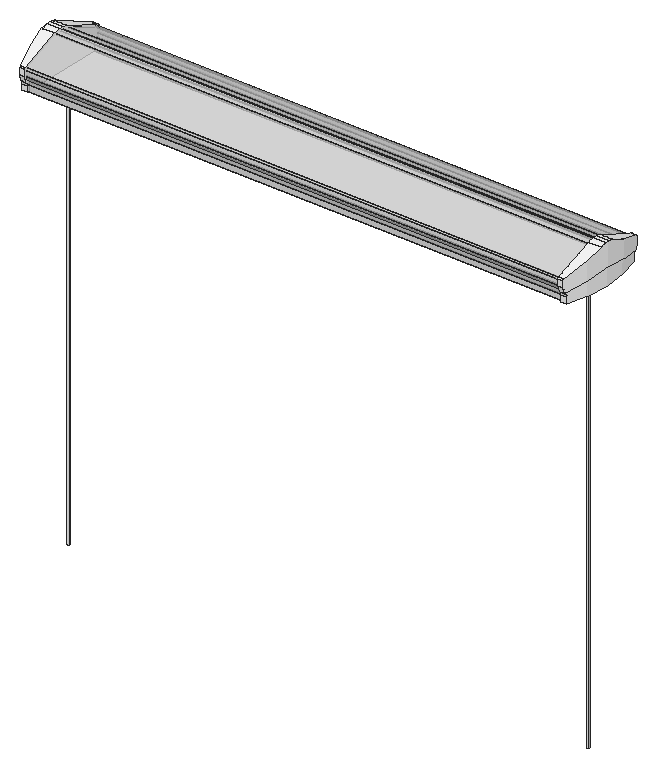
Revit family "0044879 Lighting Fixture_Sylvania_DeltaWing-LED-Emergency 3h_Ceiling Pendant", category Lighting Fixtures, host Face, Revit 2017
Family settings
  Host = Face
  Round Connector Dimension = Use Diameter
  Part Type = Normal
  OmniClass Number = 23.80.70.11.17
  OmniClass Title = Specialized Lighting by Location or Use
  Cut with Voids When Loaded = No
  Light Source = Yes
  Shared = No
  Room Calculation Point = No
Parameters (values of type "DELTAWING LED51 EB 4K 1200")
  Width = 200.0 mm
  Weight = 3.60 kg
  Wattage = 53 W
  built-in parameter 1150110 = 1 (stored number, unit not read)
  Voltage Comments = "UNV (Universal Voltage; 220-240 Volt)"  # constant formula
  Voltage = 230 V  # constant formula
  URL = "http://www.sylvania-lighting.com"
  built-in parameter 1114217 = 1 (stored number, unit not read)
  Tilt Angle = -90.00°
  built-in parameter 1150109 = 1 (stored number, unit not read)
  built-in parameter 1150134 = 12
  Ta Rating = "-10°C to +25°C"  # constant formula
  built-in parameter 1150113 = 1 (stored number, unit not read)
  Product Page URL = "http://www.sylvania-lighting.com/product/en-int/products/0044879"
  Product Family = "DELTAWING - ELECTRONIC"  # constant formula
  Photometry Comments = ""
  Photometric Web File = "0044879_DELTAWINGLED51EB4KE31200-197992.ies"
  Mounting Height = 1000.0 mm
  Mounting Distance = 1130.0 mm
  Luminous flux (emergency) = 580 lm
  Life = "50 000h"  # constant formula
  Length = 1218.0 mm
  LOR = "100%"
  Inrush Current (max. quantity per 16A C breaker) = "20"  # constant formula
  IP Rating = "IP44"  # constant formula
  IK Rating = "IK08"  # constant formula
  Height = 85.0 mm
  Glow Wire Test = 850 °C  # constant formula
  Glare Control = "UGR<23"  # constant formula
  Emit from Line Length = Length - 2.0 mm * 29  # 1160.0 mm
  Emergency duration (h) = "3 hour"  # constant formula
  Electrical Protection = "Class I"  # constant formula
  Drive Current = "350 mA"  # constant formula
  built-in parameter 1114216 [instance] = 1 (stored number, unit not read)
  Cap Material = Plastic_Sylvania_DeltaWing_White
  Model = "DELTAWING LED51 EB 4K 1200"
  Manufacturer = "Feilo Sylvania"
  built-in parameter 1150105 = 409.32 (stored number, unit not read)
  Lumens = 5143.65 lm
  built-in parameter 1150115 = 1 (stored number, unit not read)
  built-in parameter 1150137 = (empty or 0)
  built-in parameter 1150139 = (empty or 0)
  built-in parameter 1150112 = 1 (stored number, unit not read)
  built-in parameter 1150114 = 1 (stored number, unit not read)
  Lamp = "Integrated LED"  # constant formula
  built-in parameter 1150132 = 2
  built-in parameter 1150102 = (empty or 0)
  built-in parameter 1150107 = 4000 (stored number, unit not read)
  built-in parameter 1150138 = (empty or 0)
  built-in parameter 1150106 = 4.0932 (stored number, unit not read)
  CRI (Ra) = "> 80"  # constant formula
  Body Material = Steel_Sylvania_DeltaWing_White
  built-in parameter 1150104 = 9.0162 (stored number, unit not read)
  Dimming Lamp Color Temperature Shift = <None>
  Diffuser Material = Polycarbonate_Sylvania_DeltaWing_Opal_4000K
  Description = "Low profile surface and suspended LED diffuser luminaire DeltaWing LED is perfect to fulfil a wide range of applications, including educational environments, medical buildings, storage facilities and circulation areas including stairwells High performance: delivers up to 7,260lm (luminaire lumen output on 4,000K version), and up to 102lm/W (total system efficiency) Available in neutral white (4,000K) and warm white (3,000K) Smooth Polycarbonate extruded diffuser provides high efficiency, while minimising glare Precision prisms designed to optimise light output and reduce glare Options of non-dimmable, DALI, 3 hour maintained Emergency and Integrated Microwave sensor as standard Integrated Microwave sensor mounted discretely behind the diffuser helps further reduce energy and maintenance bills Suitable for suspended mounting using wire suspension kit (to be ordered seperately) BESA box connection possibility standard on product Long lifetime: 50,000 hours life at 70% of the original output L70 Energy class: A++, A+, A"  # constant formula
  Default Elevation = 0.0 mm
  Color Filter = 16777215
  Catalog Number = "0044873 DELTAWING LED51 EB 4K 1200"
  built-in parameter 1140040 [instance] = 1
  built-in parameter 1114218 = 1 (stored number, unit not read)
  built-in parameter 1150133 = 10 (stored number, unit not read)
  Assembly Code = "D5020200"
  Apparent Load = 53 VA
Reference planes
  plane 1 "Center (Front/Back)": y = 0
  plane 2 "Fixture Top": z = 915
  plane 3 "Center (Left/Right)": x = 0
  plane 4 "Fixture Left": x = -609
  plane 5 "Fixture Right": x = 609
  plane 6 "Fixture Back": y = 100
  plane 7 "Fixture Front": y = -100
  plane 8 "Cap left": x = -580
  plane 9 "Cap Right": x = 580
  plane 10 "Lamp Plane": z = 937
  plane 11 "Fixture Bottom": z = 1000
  plane 12: y = 20
  plane 13: y = -20
  plane 14: x = -565
  plane 15: x = 565
  plane 16: z = 900
Forms (mm)
  Extrusion 1, solid, material "Steel_Sylvania_DeltaWing_White" <- "Body Material", detail levels fine
    sketch origin (0, 0, 0) x (0, 1, 0) y (0, 0, 1)
      loop
        line (-88.5, 915) -> (88.5, 915) -> (88.5, 928.239) -> (90.848, 937) -> (88.777, 937) -> (86.5, 928.502) -> (86.5, 917) -> (-86.5, 917) -> (-86.5, 928.502) -> (-88.777, 937) -> (-90.848, 937) -> (-88.5, 928.239) -> (-88.5, 915)
    from -580 to 580
  Extrusion 2, solid, material "Polycarbonate_Sylvania_DeltaWing_Opal_4000K" <- "Diffuser Material", detail levels fine
    sketch origin (0, 0, 0) x (0, 1, 0) y (0, 0, 1)
      loop
        line (96, 948.502) -> (94.018, 941.104) -> (92.041, 941.455) -> (88.5, 928.239) -> (88.5, 915) -> (90.5, 915) -> (90.5, 927.975) -> (93.498, 939.165) -> (95.475, 938.815) -> (98, 948.238) -> (98, 959.42)
        arc (98, 959.42) -> (97.319, 961.653) -> (95.506, 963.125) r 4
        line (95.506, 963.125) -> (16.971, 995.055)
        arc (16.971, 995.055) -> (9.581, 997.257) -> (1.906, 998) r 40
        line (1.906, 998) -> (-1.906, 998)
        arc (-1.906, 998) -> (-9.581, 997.257) -> (-16.971, 995.055) r 40
        line (-16.971, 995.055) -> (-95.506, 963.125)
        arc (-95.506, 963.125) -> (-97.319, 961.653) -> (-98, 959.42) r 4
        line (-98, 959.42) -> (-98, 948.238) -> (-95.475, 938.815) -> (-93.498, 939.165) -> (-90.5, 927.975) -> (-90.5, 915) -> (-88.5, 915) -> (-88.5, 928.239) -> (-92.041, 941.455) -> (-94.018, 941.104) -> (-96, 948.502) -> (-96, 958.074)
        arc (-96, 958.074) -> (-95.319, 960.307) -> (-93.506, 961.779) r 4
        line (-93.506, 961.779) -> (-15.978, 993.299)
        arc (-15.978, 993.299) -> (-9.922, 995.17) -> (-3.638, 996) r 37.685
        line (-3.638, 996) -> (3.638, 996)
        arc (3.638, 996) -> (9.922, 995.17) -> (15.978, 993.299) r 37.685
        line (15.978, 993.299) -> (93.506, 961.779)
        arc (93.506, 961.779) -> (95.319, 960.307) -> (96, 958.074) r 4
        line (96, 958.074) -> (96, 948.502)
    from -580 to 580
  Extrusion 3, solid, material "Steel_Sylvania_DeltaWing_White" <- "Body Material", detail levels coarse+medium
    sketch origin (0, 0, 0) x (0, 1, 0) y (0, 0, 1)
      loop
        line (-16.971, 995.055) -> (-95.506, 963.125)
        arc (-95.506, 963.125) -> (-97.319, 961.653) -> (-98, 959.42) r 4
        line (-98, 959.42) -> (-98, 948.238) -> (-95.475, 938.815) -> (-93.498, 939.165) -> (-90.5, 927.975) -> (-90.5, 915) -> (90.5, 915) -> (90.5, 927.975) -> (93.498, 939.165) -> (95.475, 938.815) -> (98, 948.238) -> (98, 959.42)
        arc (98, 959.42) -> (97.319, 961.653) -> (95.506, 963.125) r 4
        line (95.506, 963.125) -> (16.971, 995.055)
        arc (16.971, 995.055) -> (9.581, 997.257) -> (1.906, 998) r 40
        line (1.906, 998) -> (-1.906, 998)
        arc (-1.906, 998) -> (-9.581, 997.257) -> (-16.971, 995.055) r 40
    from -580 to 580
  Extrusion 4, solid, material "Steel_Sylvania_DeltaWing_White" <- "Body Material", detail levels fine
    sketch origin (0, 0, 60) x (-1, 0, 0) y (0, -1, 0)
      loop
        circle (565, 0) r 6
      loop
        circle (-565, 0) r 6
    from 840 to 855
  Extrusion 5, solid, material "Steel_Sylvania_DeltaWing_White" <- "Body Material", detail levels fine
    sketch origin (0, 0, 60) x (-1, 0, 0) y (0, -1, 0)
      loop
        circle (565, 0) r 2.5
      loop
        circle (-565, 0) r 2.5
    from -60 to 840
Lines and regions (mm)
  model lines, detail levels coarse+medium
    curve 1: line (-565, 0, 915) -> (-565, 0, 0)
    curve 2: line (565, 0, 915) -> (565, 0, 0)
Dimensions and locks
  equal spacing: plane 4 "Fixture Left", plane 3 "Center (Left/Right)", plane 5 "Fixture Right"
  "Length": plane 4 "Fixture Left" to plane 5 "Fixture Right"
  locked: plane 4 "Fixture Left" to plane 8 "Cap left" at 29
  locked: plane 9 "Cap Right" to plane 5 "Fixture Right" at 29
  "Height": plane 11 "Fixture Bottom" to plane 2 "Fixture Top"
  equal spacing: plane 6 "Fixture Back", plane 1 "Center (Front/Back)", plane 7 "Fixture Front"
  "Width": plane 6 "Fixture Back" to plane 7 "Fixture Front"
  equal spacing: plane 12, plane 1 "Center (Front/Back)", plane 13
  "Mounting Height": plane 11 "Fixture Bottom" to level
  equal spacing: plane 14, plane 3 "Center (Left/Right)", plane 15
  "Mounting Distance": plane 14 to plane 15
  plane 2 "Fixture Top" to plane 16 = 15.0 mm
  locked: plane 10 "Lamp Plane" to plane 2 "Fixture Top" at 22
  aligned and locked: level to host face
  aligned and locked: nested 1 to plane 1 "Center (Front/Back)"
  aligned and locked: nested 1 to plane 5 "Fixture Right"
  aligned and locked: nested 2 to plane 4 "Fixture Left"
  aligned and locked: plane 2 "Fixture Top" to Extrusion 1 sketch curve
  aligned and locked: Extrusion 1 to plane 8 "Cap left"
  aligned and locked: plane 9 "Cap Right" to Extrusion 1
  aligned and locked: Extrusion 2 to plane 8 "Cap left"
  aligned and locked: plane 9 "Cap Right" to Extrusion 2
  aligned and locked: Extrusion 3 sketch curve to Extrusion 2  (x2)
  aligned and locked: Extrusion 3 to plane 8 "Cap left"
  aligned and locked: plane 9 "Cap Right" to Extrusion 3
  aligned and locked: plane 2 "Fixture Top" to nested 2
  aligned and locked: nested 1 to plane 2 "Fixture Top"
  aligned and locked: Extrusion 3 sketch curve to plane 2 "Fixture Top"
  aligned and locked: plane 2 "Fixture Top" to Extrusion 2 sketch curve
  aligned and locked: Extrusion 2 sketch curve to plane 2 "Fixture Top"
  aligned and locked: plane 2 "Fixture Top" to Extrusion 4
  aligned and locked: Extrusion 4 to plane 16
  aligned and locked: level to curve 1
  aligned and locked: curve 1 to plane 14
  aligned and locked: level to curve 2
  aligned and locked: curve 2 to plane 15
  aligned and locked: plane 16 to Extrusion 5
  aligned and locked: Extrusion 5 to level
  aligned and locked: imposter light to plane 1 "Center (Front/Back)"
  aligned and locked: plane 3 "Center (Left/Right)" to imposter light
  aligned and locked: plane 11 "Fixture Bottom" to imposter light
  aligned and locked: plane 2 "Fixture Top" to curve 2
  aligned and locked: plane 2 "Fixture Top" to curve 1
Automatic sketch dimensions
  host sketch curve to host sketch curve = 1713.741 mm
  host sketch curve to host sketch curve = 1283.632 mm
  plane 7 "Fixture Front" to Extrusion 2 sketch curve = 2.0 mm
  Extrusion 2 sketch curve to plane 10 "Lamp Plane" = 9.025 mm  (x2)
  Extrusion 2 sketch curve to Extrusion 2 sketch curve = 2.0 mm  (x8)
  Extrusion 2 sketch curve to Extrusion 2 sketch curve = 2.494 mm
  plane 10 "Lamp Plane" to Extrusion 2 sketch curve = 1.815 mm  (x2)
  plane 7 "Fixture Front" to Extrusion 2 sketch curve = 4.525 mm
  Extrusion 2 sketch curve to Extrusion 2 sketch curve = 1.457 mm  (x2)
  plane 10 "Lamp Plane" to Extrusion 2 sketch curve = 2.165 mm  (x2)
  Extrusion 2 sketch curve to Extrusion 2 sketch curve = 0.52 mm
  Extrusion 2 sketch curve to Extrusion 2 sketch curve = 1.977 mm  (x3)
  plane 7 "Fixture Front" to Extrusion 2 sketch curve = 9.5 mm
  plane 13 to Extrusion 2 sketch curve = 3.029 mm
  Extrusion 2 sketch curve to Extrusion 2 sketch curve = 0.993 mm  (x2)
  plane 1 "Center (Front/Back)" to Extrusion 2 sketch curve = 3.638 mm
  plane 1 "Center (Front/Back)" to Extrusion 2 sketch curve = 1.906 mm
  Extrusion 2 sketch curve to plane 1 "Center (Front/Back)" = 1.906 mm
  Extrusion 2 sketch curve to Extrusion 2 sketch curve = 1.732 mm
  plane 12 to Extrusion 2 sketch curve = 4.022 mm
  Extrusion 2 sketch curve to plane 6 "Fixture Back" = 11.5 mm
  Extrusion 2 sketch curve to plane 6 "Fixture Back" = 7.959 mm
  Extrusion 2 sketch curve to plane 6 "Fixture Back" = 6.494 mm
  Extrusion 2 sketch curve to plane 6 "Fixture Back" = 4.0 mm
  Extrusion 2 sketch curve to plane 6 "Fixture Back" = 2.0 mm
  Extrusion 2 sketch curve to Extrusion 2 sketch curve = 0.041 mm  (x2)
  Extrusion 2 sketch curve to Extrusion 2 sketch curve = 1.506 mm
  Extrusion 2 sketch curve to Extrusion 2 sketch curve = 0.494 mm
  Extrusion 2 sketch curve to Extrusion 2 sketch curve = 0.263 mm  (x4)
  Extrusion 2 sketch curve to Extrusion 2 sketch curve = 1.939 mm  (x2)
  Extrusion 2 sketch curve to Extrusion 2 sketch curve = 0.351 mm  (x2)
  Extrusion 2 sketch curve to Extrusion 2 sketch curve = 7.134 mm  (x2)
  Extrusion 2 sketch curve to Extrusion 2 sketch curve = 9.572 mm  (x2)
  Extrusion 2 sketch curve to Extrusion 2 sketch curve = 1.346 mm  (x2)
  Extrusion 2 sketch curve to plane 11 "Fixture Bottom" = 6.701 mm
  Extrusion 2 sketch curve to Extrusion 2 sketch curve = 0.0 mm
  Extrusion 2 sketch curve to Extrusion 2 sketch curve = 1.755 mm  (x2)
  Extrusion 2 sketch curve to Extrusion 2 sketch curve = 2.701 mm
  Extrusion 1 sketch curve to Extrusion 1 sketch curve = 2.0 mm  (x2)
  Extrusion 1 sketch curve to Extrusion 1 sketch curve = 0.263 mm  (x2)
  Extrusion 1 sketch curve to Extrusion 1 sketch curve = 2.071 mm  (x2)
  plane 7 "Fixture Front" to Extrusion 1 sketch curve = 9.152 mm
  plane 13 to Extrusion 3 sketch curve = 3.029 mm
  Extrusion 3 sketch curve to Extrusion 3 sketch curve = 1.506 mm  (x2)
  Extrusion 3 sketch curve to Extrusion 3 sketch curve = 11.181 mm  (x2)
  plane 10 "Lamp Plane" to Extrusion 3 sketch curve = 1.815 mm  (x2)
  plane 7 "Fixture Front" to Extrusion 3 sketch curve = 4.525 mm
  plane 10 "Lamp Plane" to Extrusion 3 sketch curve = 2.165 mm  (x2)
  Extrusion 3 sketch curve to Extrusion 3 sketch curve = 1.977 mm  (x2)
  plane 7 "Fixture Front" to Extrusion 3 sketch curve = 9.5 mm
  Extrusion 3 sketch curve to plane 10 "Lamp Plane" = 9.025 mm  (x2)
  plane 1 "Center (Front/Back)" to Extrusion 3 sketch curve = 1.906 mm
  plane 10 "Lamp Plane" to Extrusion 3 sketch curve = 21.0 mm
  plane 12 to Extrusion 3 sketch curve = 3.029 mm
  Extrusion 3 sketch curve to plane 1 "Center (Front/Back)" = 1.906 mm
  Extrusion 3 sketch curve to plane 6 "Fixture Back" = 4.494 mm
  Extrusion 3 sketch curve to Extrusion 3 sketch curve = 0.0 mm
  plane 10 "Lamp Plane" to Extrusion 3 sketch curve = 26.125 mm
  Extrusion 3 sketch curve to plane 6 "Fixture Back" = 2.0 mm
  Extrusion 3 sketch curve to plane 6 "Fixture Back" = 4.525 mm
  Extrusion 3 sketch curve to plane 6 "Fixture Back" = 9.5 mm
  Extrusion 1 sketch curve to plane 6 "Fixture Back" = 11.223 mm
  plane 7 "Fixture Front" to Extrusion 1 sketch curve = 11.5 mm
  Extrusion 1 sketch curve to plane 6 "Fixture Back" = 13.5 mm
  plane 1 "Center (Front/Back)" to Extrusion 4 sketch curve = 0.0 mm  (x2)
  Extrusion 4 sketch curve to plane 15 = 0.0 mm
  Extrusion 4 sketch curve to plane 14 = 0.0 mm
  plane 1 "Center (Front/Back)" to Extrusion 5 sketch curve = 0.0 mm  (x2)
  Extrusion 5 sketch curve to plane 15 = 0.0 mm
  Extrusion 5 sketch curve to plane 14 = 0.0 mm
  Extrusion 1 sketch curve to plane 10 "Lamp Plane" = 8.761 mm  (x2)
  plane 2 "Fixture Top" to Extrusion 1 sketch curve = 2.0 mm
  Extrusion 1 sketch curve to plane 10 "Lamp Plane" = 0.0 mm  (x2)
  radius of Extrusion 4 sketch curve = 6.0 mm  (x2)
  radius of Extrusion 5 sketch curve = 2.5 mm  (x2)
Nested families
  nested 1: "Cap" at (580, 0, 915) x (0, 1, 0) z (0, 0, 1), type "Type"
  nested 2: "Cap" at (-580, 0, 915) x (0, 1, 0) z (0, 0, 1), type "Type"
Connectors
  electrical at (0, 0, 915), driven by "Voltage", driven by "Apparent Load"
    settings: on Extrusion 1, index 1, voltage 230 V, apparent load 0 VA, apparent load phase1 53 VA, apparent load phase2 0 VA, apparent load phase3 0 VA, power factor 1, load classification "Lighting", number of poles 1, system type 31, power factor state 1, is connector primary yes, connector utility no, sub classification motor no, connector description ""
Definition of nested family "Cap"
  Parameters
    Height = 85.0 mm
    Width = 200.0 mm
    Default Elevation = 0.0 mm
    Cap Material = none
  Reference planes
    plane 1 "Center (Front/Back)": y = 0
    plane 2: z = 0
    plane 3 "Center (Left/Right)": x = 0
    plane 4: x = 100
    plane 5: x = -100
    plane 6: y = -29
    plane 7: y = -10
    plane 8: z = 85
    plane 9: z = 17
    plane 10: z = 22
    plane 11: z = 37
  Forms (mm)
    Extrusion 1, solid, material <- "Cap Material"
      sketch origin (0, 0, 0) x (1, 0, 0) y (0, 1, 0)
        loop
          line (-100, 0) -> (-100, -10)
          arc (-100, -10) -> (0, -28.818) -> (100, -10) r 275.114
          line (100, -10) -> (100, 0) -> (-100, 0)
      from 0 to 85
    Extrusion 2, void
      sketch origin (0, 0, 0) x (1, 0, 0) y (0, 0, 1)
        loop
          line (-92.5, 0) -> (-92.5, 12.712) -> (-94.955, 21.876) -> (-96.887, 21.358) -> (-101.913, 40.115)
          arc (-101.913, 40.115) -> (-101.345, 45.755) -> (-97.183, 49.603) r 8
          line (-97.183, 49.603) -> (-17.481, 82.006)
          arc (-17.481, 82.006) -> (-8.901, 84.444) -> (0, 85) r 41.685
          arc (0, 85) -> (8.901, 84.444) -> (17.481, 82.006) r 41.685
          line (17.481, 82.006) -> (97.183, 49.603)
          arc (97.183, 49.603) -> (101.345, 45.755) -> (101.913, 40.115) r 8
          line (101.913, 40.115) -> (96.887, 21.358) -> (94.955, 21.876) -> (92.5, 12.712) -> (92.5, 0) -> (117.5, 0) -> (117.5, 106.013) -> (-117.5, 106.013) -> (-117.5, 0) -> (-92.5, 0)
      from 0 to 250
    Extrusion 3, void
      sketch origin (0, 0, 0) x (1, 0, 0) y (0, 0, 1)
        loop
          line (-94.955, 21.876) -> (-100, 20.524) -> (-100, 0) -> (100, 0) -> (100, 20.524) -> (94.955, 21.876) -> (10.419, 36.87)
          arc (10.419, 36.87) -> (0, 37.781) -> (-10.419, 36.87) r 60
          line (-10.419, 36.87) -> (-94.955, 21.876)
      from -68.585 to 250
    Extrusion 4, solid, material <- "Cap Material"
      sketch origin (0, 0, 0) x (1, 0, 0) y (0, 1, 0)
        loop
          line (-100, 0) -> (-100, -9.525)
          arc (-100, -9.525) -> (0.169, -27.445) -> (100, -7.727) r 275.114
          line (100, -7.727) -> (100, 0) -> (-100, 0)
      from 0 to 85
    Extrusion 5, void
      sketch origin (0, 0, 0) x (1, 0, 0) y (0, 0, 1)
        loop
          line (-92.5, 0) -> (-92.5, 12.712) -> (-94.955, 21.876) -> (-96.887, 21.358) -> (-101.913, 40.115)
          arc (-101.913, 40.115) -> (-101.345, 45.755) -> (-97.183, 49.603) r 8
          line (-97.183, 49.603) -> (-17.481, 82.006)
          arc (-17.481, 82.006) -> (-8.901, 84.444) -> (0, 85) r 41.685
          arc (0, 85) -> (8.901, 84.444) -> (17.481, 82.006) r 41.685
          line (17.481, 82.006) -> (97.183, 49.603)
          arc (97.183, 49.603) -> (101.345, 45.755) -> (101.913, 40.115) r 8
          line (101.913, 40.115) -> (96.887, 21.358) -> (94.955, 21.876) -> (92.5, 12.712) -> (92.5, 0) -> (117.5, 0) -> (117.5, 106.013) -> (-117.5, 106.013) -> (-117.5, 0) -> (-92.5, 0)
      from 0 to 250
  Cuts and joins
    Extrusion 2, Extrusion 3, Extrusion 5 cuts Extrusion 1
    Extrusion 5 cuts Extrusion 4
    joined: Extrusion 1, Extrusion 4
  Dimensions and locks
    equal spacing: plane 5, plane 3 "Center (Left/Right)", plane 4
    "Width": plane 5 to plane 4
    locked: plane 1 "Center (Front/Back)" to plane 6 at 29
    plane 1 "Center (Front/Back)" to plane 7 = 10.0 mm
    "Height": plane 8 to level
    plane 9 to plane 2 = 17.0 mm
    plane 10 to plane 9 = 5.0 mm
    Extrusion 2 sketch curve to plane 5 = 7.5 mm
    aligned and locked: level to plane 2
    aligned and locked: plane 1 "Center (Front/Back)" to Extrusion 1 sketch curve
    aligned and locked: Extrusion 1 sketch curve to plane 5
    aligned and locked: Extrusion 1 sketch curve to plane 4
    aligned and locked: plane 7 to Extrusion 1 sketch curve  (x2)
    aligned and locked: Extrusion 1 to plane 2
    aligned and locked: plane 8 to Extrusion 1
  Automatic sketch dimensions
    Extrusion 1 sketch curve to plane 1 "Center (Front/Back)" = 246.296 mm
    Extrusion 2 sketch curve to plane 5 = 17.5 mm
    Extrusion 2 sketch curve to plane 9 = 4.288 mm
    Extrusion 2 sketch curve to plane 3 "Center (Left/Right)" = 0.0 mm
    Extrusion 2 sketch curve to plane 8 = 0.0 mm
    Extrusion 2 sketch curve to plane 5 = 1.913 mm
    plane 5 to Extrusion 2 sketch curve = 2.817 mm
    plane 10 to Extrusion 2 sketch curve = 0.642 mm  (x2)
    plane 5 to Extrusion 2 sketch curve = 3.113 mm
    plane 10 to Extrusion 2 sketch curve = 0.124 mm  (x2)
    Extrusion 2 sketch curve to plane 8 = 2.994 mm  (x2)
    Extrusion 2 sketch curve to plane 3 "Center (Left/Right)" = 17.481 mm
    plane 3 "Center (Left/Right)" to Extrusion 2 sketch curve = 17.481 mm
    Extrusion 2 sketch curve to plane 4 = 7.5 mm
    Extrusion 2 sketch curve to plane 4 = 5.045 mm
    Extrusion 2 sketch curve to Extrusion 2 sketch curve = 1.932 mm
    Extrusion 2 sketch curve to plane 4 = 2.817 mm
    plane 4 to Extrusion 2 sketch curve = 1.913 mm
    plane 4 to Extrusion 2 sketch curve = 17.5 mm
    plane 5 to Extrusion 2 sketch curve = 5.814 mm
    Extrusion 2 sketch curve to plane 3 "Center (Left/Right)" = 1.865 mm
    plane 3 "Center (Left/Right)" to Extrusion 2 sketch curve = 1.865 mm
    Extrusion 2 sketch curve to plane 4 = 5.814 mm
    Extrusion 2 sketch curve to Extrusion 2 sketch curve = 9.488 mm  (x2)
    plane 8 to Extrusion 2 sketch curve = 21.013 mm
    Extrusion 2 sketch curve to level = 0.0 mm  (x2)
    Extrusion 3 sketch curve to plane 3 "Center (Left/Right)" = 0.0 mm
    plane 10 to Extrusion 3 sketch curve = 0.124 mm  (x2)
    Extrusion 3 sketch curve to plane 3 "Center (Left/Right)" = 10.419 mm
    plane 3 "Center (Left/Right)" to Extrusion 3 sketch curve = 10.419 mm
    plane 11 to Extrusion 3 sketch curve = 0.13 mm
    plane 10 to Extrusion 3 sketch curve = 1.476 mm  (x2)
    Extrusion 3 sketch curve to level = 0.0 mm
    Extrusion 3 sketch curve to plane 5 = 0.0 mm
    Extrusion 3 sketch curve to Extrusion 3 sketch curve = 22.219 mm
    plane 5 to Extrusion 3 sketch curve = 5.045 mm
    Extrusion 3 sketch curve to plane 4 = 5.045 mm
    plane 4 to Extrusion 3 sketch curve = 0.0 mm
    plane 1 "Center (Front/Back)" to Extrusion 4 sketch curve = 0.0 mm
    Extrusion 4 sketch curve to plane 5 = 0.0 mm
    Extrusion 4 sketch curve to plane 4 = 0.0 mm
    plane 7 to Extrusion 4 sketch curve = 2.273 mm
    plane 7 to Extrusion 4 sketch curve = 0.475 mm
    Extrusion 4 sketch curve to plane 1 "Center (Front/Back)" = 247.658 mm
    Extrusion 5 sketch curve to level = 0.0 mm  (x2)
    Extrusion 5 sketch curve to plane 5 = 17.5 mm
    Extrusion 5 sketch curve to plane 9 = 4.288 mm  (x2)
    Extrusion 5 sketch curve to plane 3 "Center (Left/Right)" = 0.0 mm
    Extrusion 5 sketch curve to plane 8 = 0.0 mm
    Extrusion 5 sketch curve to plane 5 = 1.913 mm
    plane 5 to Extrusion 5 sketch curve = 2.817 mm
    plane 10 to Extrusion 5 sketch curve = 0.642 mm  (x2)
    plane 5 to Extrusion 5 sketch curve = 3.113 mm
    plane 10 to Extrusion 5 sketch curve = 0.124 mm  (x2)
    Extrusion 5 sketch curve to Extrusion 5 sketch curve = 1.932 mm
    Extrusion 5 sketch curve to plane 8 = 2.994 mm  (x2)
    Extrusion 5 sketch curve to plane 3 "Center (Left/Right)" = 17.481 mm
    plane 3 "Center (Left/Right)" to Extrusion 5 sketch curve = 17.481 mm
    Extrusion 5 sketch curve to plane 4 = 7.5 mm
    Extrusion 5 sketch curve to plane 4 = 5.045 mm
    Extrusion 5 sketch curve to plane 4 = 2.817 mm
    plane 4 to Extrusion 5 sketch curve = 1.913 mm
    plane 4 to Extrusion 5 sketch curve = 17.5 mm
    plane 5 to Extrusion 5 sketch curve = 5.814 mm
    Extrusion 5 sketch curve to plane 3 "Center (Left/Right)" = 1.865 mm
    plane 3 "Center (Left/Right)" to Extrusion 5 sketch curve = 1.865 mm
    Extrusion 5 sketch curve to plane 4 = 5.814 mm
    Extrusion 5 sketch curve to Extrusion 5 sketch curve = 9.488 mm  (x2)
    plane 8 to Extrusion 5 sketch curve = 21.013 mm
